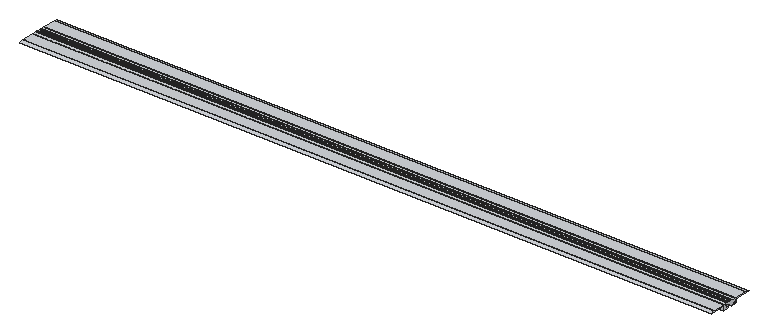
Revit family "Novojunta Pro Aluminio PLUS SP", category Modelos genéricos, Revit 2024
Family settings
  Puede alojar armadura = No
  Cota de conector redondo = Usar diámetro
  Tipo de pieza = Normal
  Corte con vacíos al cargar = No
  Mantener orientación de anotación = No
  Compartido = No
  Punto de cálculo de habitación = No
Parameters
  URL EMAC [instance] = "https://emac.es/novojunta-pro-aluminio-plus-sp"
  Tipo de junta [instance] = Lisa/Estriada : Estriada
  Texto Prescriptivo [instance] = "Instalación de junta de dilatación estructural superpuesta Emac® Novojunta® Pro Aluminio PLUS SP para cargas medias, ancho junta 45 mm, ancho visible 150 mm. Con estructura realizada en aluminio, goma caucho EPDM con capacidad de absorber movimientos multidireccionales. Admisión de movimiento horizontal hasta 12 mm. Color y acabado a elegir. Instalación con tornillería (incluida). Medida la longitud realmente ejecutada."
  Texto Descriptivo = "Novojunta® Pro Aluminio PLUS SP es un sistema de perfiles de aluminio reforzados y caucho EPDM destinado a  colocación en juntas de dilatación de estructura superpuestas de hasta 50 mm de ancho. Su diseño facilita la absorción de los movimientos derivados de las variaciones térmicas, permitiendo movimiento en tres ejes.  Con acabado liso o estriado y soporte de cargas medias. Se sirve desmontada. Disponible en color gris o negro."
  Referencia [instance] = "NJPALPSP"
  Posición Junta [instance] = Enrasada/Perimetral : Enrasada
  Perimetral [instance] = Enrasada/Perimetral : Perimetral
  País de origen [instance] = "España"
  Novojunta Pro Alum PLUS SP, a=50mm, h=13,8mm, Lisa -  Perimetral [instance] = if(and(Posición Junta = Perimetral, Tipo de junta = Lisa, Anchura = Anchura 50mm), 1 = 1, 1 = 0)  # no
  Novojunta Pro Alum PLUS SP, a=50mm, h=13,8mm, Lisa -  Enrasada [instance] = if(and(Posición Junta = Enrasada, Tipo de junta = Lisa, Anchura = Anchura 50mm), 1 = 1, 1 = 0)  # no
  Novojunta Pro Alum PLUS SP, a=50mm, h=13,8mm, Estriada -  Perimetral [instance] = if(and(Posición Junta = Perimetral, Tipo de junta = Estriada, Anchura = Anchura 50mm), 1 = 1, 1 = 0)  # no
  Novojunta Pro Alum PLUS SP, a=50mm, h=13,8mm, Estriada -  Enrasada [instance] = if(and(Posición Junta = Enrasada, Tipo de junta = Estriada, Anchura = Anchura 50mm), 1 = 1, 1 = 0)  # yes
  Novojunta Pro Alum PLUS SP, a=40mm, h=13,8mm, Lisa -  Perimetral [instance] = if(and(Posición Junta = Perimetral, Tipo de junta = Lisa, Anchura = Anchura 40mm), 1 = 1, 1 = 0)  # no
  Novojunta Pro Alum PLUS SP, a=40mm, h=13,8mm, Lisa -  Enrasada [instance] = if(and(Posición Junta = Enrasada, Tipo de junta = Lisa, Anchura = Anchura 40mm), 1 = 1, 1 = 0)  # no
  Novojunta Pro Alum PLUS SP, a=40mm, h=13,8mm, Estriada -  Perimetral [instance] = if(and(Posición Junta = Perimetral, Tipo de junta = Estriada, Anchura = Anchura 40mm), 1 = 1, 1 = 0)  # no
  Novojunta Pro Alum PLUS SP, a=40mm, h=13,8mm, Estriada -  Enrasada [instance] = if(and(Posición Junta = Enrasada, Tipo de junta = Estriada, Anchura = Anchura 40mm), 1 = 1, 1 = 0)  # no
  Material - 2 [instance] = EPDM
  Material [instance] = Aluminio
  Lisa [instance] = Lisa/Estriada : Lisa
  built-in parameter 1001306 [instance] = 2500 mm
  Instrucciones de instalación [instance] = "https://emac.es/public/Attachment/2023/2/ficha-tecnica-novojunta-pro-aluminio-plus-sp-emac.pdf"
  Estriada [instance] = Lisa/Estriada : Estriada
  Enrasada [instance] = Enrasada/Perimetral : Enrasada
  Default Elevation = 0 mm
  Descripción = "NOVOJUNTA PRO ALUMINIO PLUS SP"
  Certificados de producto [instance] = "https://emac.es/public/Attachment/2023/2/ficha-tecnica-novojunta-pro-aluminio-plus-sp-emac.pdf"
  Características técnicas [instance] = "https://emac.es/public/Attachment/2023/2/ficha-tecnica-novojunta-pro-aluminio-plus-sp-emac.pdf"
  Anchura 50mm [instance] = Anchura : Anchura 50mm
  Anchura 40mm [instance] = Anchura : Anchura 40mm
  Anchura [instance] = Anchura : Anchura 50mm
  Altura [instance] = 13.8 mm
Reference planes
  plane 1 "Center (Front/Back)": y = 0
  plane 2: z = 0
  plane 3 "Left": x = 0
  plane 4 "Right": x = 2500
Forms (mm)
  Extrusion 1, solid, visible <- "Novojunta Pro Alum PLUS SP, a=40mm, h=13,8mm, Estriada -  Enrasada"
    sketch origin (0, -154.043, -91.693) x (0, 1, 0) y (0, 0, 1)
      loop
        line (173.978, 91.628) -> (173.978, 79.94)
        arc (173.978, 79.94) -> (173.272, 78.235) -> (171.568, 77.529) r 2.411
        arc (171.568, 77.529) -> (169.706, 78.126) -> (168.909, 79.911) r 2.396
        line (168.909, 79.911) -> (168.909, 85.989)
        arc (168.909, 85.989) -> (168.595, 86.746) -> (167.838, 87.06) r 1.071
        line (167.838, 87.06) -> (164.903, 87.06)
        arc (164.903, 87.06) -> (164.449, 86.699) -> (164.698, 86.175) r 0.466
        line (164.698, 86.175) -> (166.334, 85.399)
        arc (166.334, 85.399) -> (166.751, 85.03) -> (166.906, 84.495) r 1
        line (166.906, 84.495) -> (166.906, 79.128)
        arc (166.906, 79.128) -> (166.32, 77.714) -> (164.906, 77.128) r 2
        line (164.906, 77.128) -> (158.306, 77.128) -> (158.306, 75.028) -> (176.706, 75.028) -> (176.706, 88.828) -> (232.167, 88.828) -> (220.039, 91.51)
        arc (220.039, 91.51) -> (219.503, 91.599) -> (218.96, 91.628) r 5
        line (218.96, 91.628) -> (173.978, 91.628)
      loop
        line (134.107, 91.628) -> (88.579, 91.628) -> (75.918, 88.828) -> (131.379, 88.828) -> (131.379, 75.028) -> (149.779, 75.028) -> (149.779, 77.128) -> (143.179, 77.128)
        arc (143.179, 77.128) -> (141.765, 77.714) -> (141.179, 79.128) r 2
        line (141.179, 79.128) -> (141.179, 84.495)
        arc (141.179, 84.495) -> (141.335, 85.03) -> (141.752, 85.399) r 1
        line (141.752, 85.399) -> (143.387, 86.175)
        arc (143.387, 86.175) -> (143.636, 86.699) -> (143.183, 87.06) r 0.466
        line (143.183, 87.06) -> (140.247, 87.06)
        arc (140.247, 87.06) -> (139.49, 86.746) -> (139.177, 85.989) r 1.071
        line (139.177, 85.989) -> (139.177, 79.911)
        arc (139.177, 79.911) -> (138.379, 78.126) -> (136.518, 77.529) r 2.396
        arc (136.518, 77.529) -> (134.813, 78.235) -> (134.107, 79.94) r 2.411
        line (134.107, 79.94) -> (134.107, 91.628)
      loop
        line (158.615, 91.693) -> (149.471, 91.693) -> (148.171, 86.693)
        arc (148.171, 86.693) -> (147.811, 86.415) -> (147.452, 86.693) r 0.371
        line (147.452, 86.693) -> (146.152, 91.693) -> (134.343, 91.693) -> (134.343, 89.469) -> (135.314, 87.041) -> (135.314, 81.348) -> (135.053, 80.434) -> (134.345, 79.878) -> (135.454, 78.438)
        arc (135.454, 78.438) -> (136.629, 77.854) -> (137.814, 78.417) r 1.5
        line (137.814, 78.417) -> (138.978, 79.871) -> (138.275, 80.434) -> (138.014, 81.348) -> (138.014, 87.493) -> (143.731, 87.493) -> (146.331, 77.493) -> (149.395, 77.493) -> (151.067, 83.921)
        arc (151.067, 83.921) -> (151.977, 85.3) -> (153.54, 85.834) r 2.555
        line (153.54, 85.834) -> (154.546, 85.834)
        arc (154.546, 85.834) -> (156.109, 85.3) -> (157.019, 83.921) r 2.555
        line (157.019, 83.921) -> (158.69, 77.493) -> (161.754, 77.493) -> (164.354, 87.493) -> (170.071, 87.493) -> (170.071, 81.422) -> (169.811, 80.509) -> (169.103, 79.953) -> (170.212, 78.513)
        arc (170.212, 78.513) -> (171.386, 77.929) -> (172.571, 78.492) r 1.5
        line (172.571, 78.492) -> (173.735, 79.946) -> (173.032, 80.509) -> (172.771, 81.422) -> (172.771, 87.041) -> (173.743, 89.469) -> (173.743, 91.693) -> (161.933, 91.693) -> (160.633, 86.693)
        arc (160.633, 86.693) -> (160.274, 86.415) -> (159.915, 86.693) r 0.371
        line (159.915, 86.693) -> (158.615, 91.693)
    from 0 to 2500
  Extrusion 2, solid, visible <- "Novojunta Pro Alum PLUS SP, a=40mm, h=13,8mm, Estriada -  Perimetral"
    sketch origin (0, 1335.417, -1874.923) x (0, 1, 0) y (0, 0, 1)
      loop
        line (-1316.889, 1861.721) -> (-1315.725, 1863.176) -> (-1316.428, 1863.738) -> (-1316.689, 1864.652) -> (-1316.689, 1870.27) -> (-1315.917, 1872.199) -> (-1315.917, 1874.923) -> (-1327.526, 1874.923) -> (-1328.826, 1869.923)
        arc (-1328.826, 1869.923) -> (-1329.186, 1869.645) -> (-1329.545, 1869.923) r 0.371
        line (-1329.545, 1869.923) -> (-1330.845, 1874.923) -> (-1339.989, 1874.923) -> (-1341.289, 1869.923)
        arc (-1341.289, 1869.923) -> (-1341.648, 1869.645) -> (-1342.008, 1869.923) r 0.371
        line (-1342.008, 1869.923) -> (-1343.308, 1874.923) -> (-1355.017, 1874.923) -> (-1355.017, 1872.449) -> (-1354.146, 1870.27) -> (-1354.146, 1865.104) -> (-1354.407, 1864.191) -> (-1355.114, 1863.635) -> (-1354.006, 1862.195)
        arc (-1354.006, 1862.195) -> (-1352.831, 1861.611) -> (-1351.646, 1862.174) r 1.5
        line (-1351.646, 1862.174) -> (-1350.482, 1863.628) -> (-1351.185, 1864.191) -> (-1351.446, 1865.104) -> (-1351.446, 1870.723) -> (-1345.729, 1870.723) -> (-1343.129, 1860.723) -> (-1340.065, 1860.723) -> (-1338.393, 1867.151)
        arc (-1338.393, 1867.151) -> (-1337.276, 1868.674) -> (-1335.417, 1869.013) r 2.555
        arc (-1335.417, 1869.013) -> (-1333.559, 1868.674) -> (-1332.441, 1867.151) r 2.555
        line (-1332.441, 1867.151) -> (-1330.77, 1860.723) -> (-1327.705, 1860.723) -> (-1325.105, 1870.723) -> (-1319.389, 1870.723) -> (-1319.389, 1864.652) -> (-1319.649, 1863.738) -> (-1320.357, 1863.183) -> (-1319.248, 1861.743)
        arc (-1319.248, 1861.743) -> (-1318.074, 1861.158) -> (-1316.889, 1861.721) r 1.5
      loop
        arc (-1324.576, 1858.258) -> (-1323.162, 1857.672) -> (-1322.576, 1856.258) r 2
        line (-1322.576, 1856.258) -> (-1322.576, 1850.891)
        arc (-1322.576, 1850.891) -> (-1322.731, 1850.356) -> (-1323.148, 1849.987) r 1
        line (-1323.148, 1849.987) -> (-1324.79, 1849.21)
        arc (-1324.79, 1849.21) -> (-1325.064, 1848.648) -> (-1324.576, 1848.258) r 0.5
        line (-1324.576, 1848.258) -> (-1321.576, 1848.258)
        arc (-1321.576, 1848.258) -> (-1320.869, 1848.551) -> (-1320.576, 1849.258) r 1
        line (-1320.576, 1849.258) -> (-1320.576, 1855.458)
        arc (-1320.576, 1855.458) -> (-1319.83, 1857.154) -> (-1318.076, 1857.749) r 2.3
        arc (-1318.076, 1857.749) -> (-1316.322, 1857.154) -> (-1315.576, 1855.458) r 2.3
        line (-1315.576, 1855.458) -> (-1315.576, 1843.758) -> (-1313.576, 1843.758) -> (-1313.576, 1914.96) -> (-1315.476, 1902.297) -> (-1315.476, 1863.158)
        arc (-1315.476, 1863.158) -> (-1316.236, 1861.406) -> (-1318.032, 1860.758) r 2.408
        arc (-1318.032, 1860.758) -> (-1319.883, 1861.375) -> (-1320.676, 1863.158) r 2.418
        line (-1320.676, 1863.158) -> (-1320.676, 1869.358)
        arc (-1320.676, 1869.358) -> (-1320.924, 1870.04) -> (-1321.576, 1870.358) r 0.967
        line (-1321.576, 1870.358) -> (-1324.576, 1870.358)
        arc (-1324.576, 1870.358) -> (-1325.064, 1869.968) -> (-1324.79, 1869.406) r 0.5
        line (-1324.79, 1869.406) -> (-1323.148, 1868.629)
        arc (-1323.148, 1868.629) -> (-1322.731, 1868.26) -> (-1322.576, 1867.725) r 1
        line (-1322.576, 1867.725) -> (-1322.576, 1862.358)
        arc (-1322.576, 1862.358) -> (-1323.162, 1860.944) -> (-1324.576, 1860.358) r 2
        line (-1324.576, 1860.358) -> (-1331.876, 1860.358) -> (-1331.876, 1858.258) -> (-1324.576, 1858.258)
      loop
        arc (-1346.354, 1860.358) -> (-1347.768, 1860.944) -> (-1348.354, 1862.358) r 2
        line (-1348.354, 1862.358) -> (-1348.354, 1867.725)
        arc (-1348.354, 1867.725) -> (-1348.199, 1868.26) -> (-1347.782, 1868.629) r 1
        line (-1347.782, 1868.629) -> (-1346.14, 1869.406)
        arc (-1346.14, 1869.406) -> (-1345.866, 1869.968) -> (-1346.354, 1870.358) r 0.5
        line (-1346.354, 1870.358) -> (-1349.354, 1870.358)
        arc (-1349.354, 1870.358) -> (-1349.975, 1870.012) -> (-1350.254, 1869.358) r 1.099
        line (-1350.254, 1869.358) -> (-1350.254, 1863.158)
        arc (-1350.254, 1863.158) -> (-1350.957, 1861.461) -> (-1352.654, 1860.758) r 2.4
        arc (-1352.654, 1860.758) -> (-1354.6, 1861.32) -> (-1355.454, 1863.158) r 2.444
        line (-1355.454, 1863.158) -> (-1355.454, 1874.858) -> (-1400.954, 1874.858) -> (-1413.615, 1872.058) -> (-1358.154, 1872.058) -> (-1358.154, 1858.258) -> (-1339.754, 1858.258) -> (-1339.754, 1860.358) -> (-1346.354, 1860.358)
    from 0 to 2500
  Extrusion 3, solid, visible <- "Novojunta Pro Alum PLUS SP, a=50mm, h=13,8mm, Estriada -  Perimetral"
    sketch origin (0, 644.765, 67.112) x (0, 1, 0) y (0, 0, 1)
      loop
        line (-654.102, -83.776) -> (-654.102, -81.676) -> (-660.702, -81.676)
        arc (-660.702, -81.676) -> (-662.116, -81.09) -> (-662.702, -79.676) r 2
        line (-662.702, -79.676) -> (-662.702, -74.309)
        arc (-662.702, -74.309) -> (-662.547, -73.774) -> (-662.13, -73.405) r 1
        line (-662.13, -73.405) -> (-660.488, -72.628)
        arc (-660.488, -72.628) -> (-660.214, -72.067) -> (-660.702, -71.676) r 0.5
        line (-660.702, -71.676) -> (-663.702, -71.676)
        arc (-663.702, -71.676) -> (-664.409, -71.969) -> (-664.702, -72.676) r 1
        line (-664.702, -72.676) -> (-664.702, -78.876)
        arc (-664.702, -78.876) -> (-665.448, -80.572) -> (-667.202, -81.168) r 2.3
        arc (-667.202, -81.168) -> (-668.956, -80.572) -> (-669.702, -78.876) r 2.3
        line (-669.702, -78.876) -> (-669.702, -67.176) -> (-715.302, -67.176) -> (-727.963, -69.976) -> (-672.502, -69.976) -> (-672.502, -83.776) -> (-654.102, -83.776)
      loop
        arc (-628.924, -83.776) -> (-627.51, -84.362) -> (-626.924, -85.776) r 2
        line (-626.924, -85.776) -> (-626.924, -91.143)
        arc (-626.924, -91.143) -> (-627.079, -91.678) -> (-627.496, -92.047) r 1
        line (-627.496, -92.047) -> (-629.138, -92.824)
        arc (-629.138, -92.824) -> (-629.412, -93.386) -> (-628.924, -93.776) r 0.5
        line (-628.924, -93.776) -> (-625.924, -93.776)
        arc (-625.924, -93.776) -> (-625.217, -93.483) -> (-624.924, -92.776) r 1
        line (-624.924, -92.776) -> (-624.924, -86.576)
        arc (-624.924, -86.576) -> (-624.178, -84.881) -> (-622.424, -84.285) r 2.3
        arc (-622.424, -84.285) -> (-620.67, -84.881) -> (-619.924, -86.576) r 2.3
        line (-619.924, -86.576) -> (-619.924, -98.276) -> (-617.924, -98.276) -> (-617.924, -27.075) -> (-619.924, -40.403) -> (-619.924, -78.876)
        arc (-619.924, -78.876) -> (-620.67, -80.572) -> (-622.424, -81.168) r 2.3
        arc (-622.424, -81.168) -> (-624.178, -80.572) -> (-624.924, -78.876) r 2.3
        line (-624.924, -78.876) -> (-624.924, -72.676)
        arc (-624.924, -72.676) -> (-625.217, -71.969) -> (-625.924, -71.676) r 1
        line (-625.924, -71.676) -> (-628.924, -71.676)
        arc (-628.924, -71.676) -> (-629.412, -72.067) -> (-629.138, -72.628) r 0.5
        line (-629.138, -72.628) -> (-627.496, -73.405)
        arc (-627.496, -73.405) -> (-627.079, -73.774) -> (-626.924, -74.309) r 1
        line (-626.924, -74.309) -> (-626.924, -79.676)
        arc (-626.924, -79.676) -> (-627.51, -81.09) -> (-628.924, -81.676) r 2
        line (-628.924, -81.676) -> (-636.224, -81.676) -> (-636.224, -83.776) -> (-628.924, -83.776)
      loop
        line (-635.186, -81.312) -> (-631.14, -81.312) -> (-629.735, -71.312) -> (-623.736, -71.312) -> (-623.736, -77.382) -> (-623.997, -78.296) -> (-624.705, -78.852) -> (-623.596, -80.291)
        arc (-623.596, -80.291) -> (-622.422, -80.876) -> (-621.237, -80.313) r 1.5
        line (-621.237, -80.313) -> (-620.115, -78.824) -> (-620.776, -78.296) -> (-621.036, -77.382) -> (-621.036, -71.764) -> (-620.265, -69.835) -> (-620.265, -67.112) -> (-632.065, -67.112) -> (-633.065, -72.973)
        arc (-633.065, -72.973) -> (-633.424, -73.276) -> (-633.784, -72.973) r 0.365
        line (-633.784, -72.973) -> (-634.784, -67.112) -> (-638.389, -67.112) -> (-639.189, -69.182)
        arc (-639.189, -69.182) -> (-639.548, -69.486) -> (-639.907, -69.182) r 0.365
        line (-639.907, -69.182) -> (-640.707, -67.112) -> (-648.823, -67.112) -> (-649.623, -69.182)
        arc (-649.623, -69.182) -> (-649.982, -69.486) -> (-650.341, -69.182) r 0.365
        line (-650.341, -69.182) -> (-651.141, -67.112) -> (-654.746, -67.112) -> (-655.746, -72.973)
        arc (-655.746, -72.973) -> (-656.106, -73.276) -> (-656.465, -72.973) r 0.365
        line (-656.465, -72.973) -> (-657.465, -67.112) -> (-669.265, -67.112) -> (-669.265, -69.835) -> (-668.494, -71.764) -> (-668.494, -77.382) -> (-668.754, -78.296) -> (-669.457, -78.858) -> (-668.293, -80.313)
        arc (-668.293, -80.313) -> (-667.108, -80.876) -> (-665.934, -80.291) r 1.5
        line (-665.934, -80.291) -> (-664.89, -78.801) -> (-665.533, -78.296) -> (-665.794, -77.382) -> (-665.794, -71.312) -> (-660.096, -71.312) -> (-658.39, -81.312) -> (-654.344, -81.312)
        arc (-654.344, -81.312) -> (-644.765, -78.649) -> (-635.186, -81.312) r 18.563
      loop
        arc (-642.874, -76.234) -> (-640.707, -76.544) -> (-638.583, -77.077) r 21.063
        arc (-638.583, -77.077) -> (-637.777, -76.979) -> (-637.309, -76.317) r 1
        line (-637.309, -76.317) -> (-636.741, -73.477) -> (-636.898, -72.557)
        arc (-636.898, -72.557) -> (-637.156, -72.04) -> (-637.657, -71.752) r 1
        arc (-637.657, -71.752) -> (-640.157, -71.264) -> (-642.687, -70.96) r 34.779
        arc (-642.687, -70.96) -> (-643.445, -71.22) -> (-643.77, -71.952) r 1
        line (-643.77, -71.952) -> (-643.784, -75.234)
        arc (-643.784, -75.234) -> (-643.524, -75.911) -> (-642.874, -76.234) r 1
      loop
        arc (-650.947, -77.077) -> (-648.823, -76.544) -> (-646.656, -76.234) r 21.063
        arc (-646.656, -76.234) -> (-646.006, -75.911) -> (-645.746, -75.234) r 1
        line (-645.746, -75.234) -> (-645.76, -71.952)
        arc (-645.76, -71.952) -> (-646.085, -71.22) -> (-646.843, -70.96) r 1
        arc (-646.843, -70.96) -> (-649.373, -71.264) -> (-651.873, -71.752) r 34.779
        arc (-651.873, -71.752) -> (-652.374, -72.04) -> (-652.632, -72.557) r 1
        line (-652.632, -72.557) -> (-652.789, -73.477) -> (-652.221, -76.317)
        arc (-652.221, -76.317) -> (-651.753, -76.979) -> (-650.947, -77.077) r 1
    from 0 to 2500
  Extrusion 4, solid, visible <- "Novojunta Pro Alum PLUS SP, a=50mm, h=13,8mm, Estriada -  Enrasada"
    sketch origin (0, 795.3, 0) x (0, 1, 0) y (0, 0, 1)
      loop
        line (-785.721, -14.2) -> (-781.675, -14.2) -> (-779.969, -4.2) -> (-774.271, -4.2) -> (-774.271, -10.271) -> (-774.532, -11.184) -> (-775.24, -11.74) -> (-774.131, -13.18)
        arc (-774.131, -13.18) -> (-772.957, -13.764) -> (-771.772, -13.201) r 1.5
        line (-771.772, -13.201) -> (-770.608, -11.747) -> (-771.311, -11.184) -> (-771.571, -10.271) -> (-771.571, -4.652) -> (-770.6, -2.224) -> (-770.6, 0) -> (-782.6, 0) -> (-783.6, -5.861)
        arc (-783.6, -5.861) -> (-783.959, -6.165) -> (-784.319, -5.861) r 0.365
        line (-784.319, -5.861) -> (-785.319, 0) -> (-788.924, 0) -> (-789.724, -2.071)
        arc (-789.724, -2.071) -> (-790.083, -2.374) -> (-790.442, -2.071) r 0.365
        line (-790.442, -2.071) -> (-791.242, 0) -> (-799.358, 0) -> (-800.158, -2.071)
        arc (-800.158, -2.071) -> (-800.517, -2.374) -> (-800.876, -2.071) r 0.365
        line (-800.876, -2.071) -> (-801.676, 0) -> (-805.281, 0) -> (-806.281, -5.861)
        arc (-806.281, -5.861) -> (-806.641, -6.165) -> (-807, -5.861) r 0.365
        line (-807, -5.861) -> (-808, 0) -> (-820, 0) -> (-820, -2.224) -> (-819.029, -4.652) -> (-819.029, -10.271) -> (-819.289, -11.184) -> (-819.992, -11.747) -> (-818.828, -13.201)
        arc (-818.828, -13.201) -> (-817.643, -13.764) -> (-816.469, -13.18) r 1.5
        line (-816.469, -13.18) -> (-815.36, -11.74) -> (-816.068, -11.184) -> (-816.329, -10.271) -> (-816.329, -4.2) -> (-810.631, -4.2) -> (-808.925, -14.2) -> (-804.879, -14.2)
        arc (-804.879, -14.2) -> (-795.3, -11.537) -> (-785.721, -14.2) r 18.563
      loop
        arc (-793.409, -9.122) -> (-791.242, -9.432) -> (-789.118, -9.965) r 21.063
        arc (-789.118, -9.965) -> (-788.312, -9.868) -> (-787.844, -9.205) r 1
        line (-787.844, -9.205) -> (-787.276, -6.366) -> (-787.433, -5.446)
        arc (-787.433, -5.446) -> (-787.691, -4.928) -> (-788.192, -4.64) r 1
        arc (-788.192, -4.64) -> (-790.692, -4.152) -> (-793.222, -3.849) r 34.779
        arc (-793.222, -3.849) -> (-793.98, -4.108) -> (-794.305, -4.841) r 1
        line (-794.305, -4.841) -> (-794.319, -8.122)
        arc (-794.319, -8.122) -> (-794.059, -8.799) -> (-793.409, -9.122) r 1
      loop
        arc (-801.482, -9.965) -> (-799.358, -9.432) -> (-797.191, -9.122) r 21.063
        arc (-797.191, -9.122) -> (-796.541, -8.799) -> (-796.281, -8.122) r 1
        line (-796.281, -8.122) -> (-796.295, -4.841)
        arc (-796.295, -4.841) -> (-796.62, -4.108) -> (-797.378, -3.849) r 1
        arc (-797.378, -3.849) -> (-799.908, -4.152) -> (-802.408, -4.64) r 34.779
        arc (-802.408, -4.64) -> (-802.909, -4.928) -> (-803.167, -5.446) r 1
        line (-803.167, -5.446) -> (-803.324, -6.366) -> (-802.756, -9.205)
        arc (-802.756, -9.205) -> (-802.288, -9.868) -> (-801.482, -9.965) r 1
      loop
        line (-767.637, -16.665) -> (-767.637, -2.865) -> (-712.176, -2.865) -> (-724.303, -0.183) -> (-770.437, -0.183) -> (-770.437, -11.765)
        arc (-770.437, -11.765) -> (-771.005, -13.278) -> (-772.428, -14.044) r 2.3
        line (-772.428, -14.044) -> (-773.344, -14.055)
        arc (-773.344, -14.055) -> (-774.835, -13.316) -> (-775.437, -11.765) r 2.3
        line (-775.437, -11.765) -> (-775.437, -5.565)
        arc (-775.437, -5.565) -> (-775.73, -4.858) -> (-776.437, -4.565) r 1
        line (-776.437, -4.565) -> (-779.437, -4.565)
        arc (-779.437, -4.565) -> (-779.925, -4.955) -> (-779.651, -5.517) r 0.5
        line (-779.651, -5.517) -> (-778.009, -6.294)
        arc (-778.009, -6.294) -> (-777.592, -6.663) -> (-777.437, -7.198) r 1
        line (-777.437, -7.198) -> (-777.437, -12.565)
        arc (-777.437, -12.565) -> (-778.023, -13.979) -> (-779.437, -14.565) r 2
        line (-779.437, -14.565) -> (-786.037, -14.565) -> (-786.037, -16.665) -> (-767.637, -16.665)
      loop
        line (-804.563, -16.665) -> (-804.563, -14.565) -> (-811.163, -14.565)
        arc (-811.163, -14.565) -> (-812.577, -13.979) -> (-813.163, -12.565) r 2
        line (-813.163, -12.565) -> (-813.163, -7.198)
        arc (-813.163, -7.198) -> (-813.008, -6.663) -> (-812.591, -6.294) r 1
        line (-812.591, -6.294) -> (-810.949, -5.517)
        arc (-810.949, -5.517) -> (-810.675, -4.955) -> (-811.163, -4.565) r 0.5
        line (-811.163, -4.565) -> (-814.163, -4.565)
        arc (-814.163, -4.565) -> (-814.87, -4.858) -> (-815.163, -5.565) r 1
        line (-815.163, -5.565) -> (-815.163, -11.765)
        arc (-815.163, -11.765) -> (-815.687, -13.226) -> (-817.021, -14.022) r 2.3
        line (-817.021, -14.022) -> (-818.48, -13.981)
        arc (-818.48, -13.981) -> (-819.695, -13.156) -> (-820.163, -11.765) r 2.3
        line (-820.163, -11.765) -> (-820.163, -0.065) -> (-865.217, -0.065)
        arc (-865.217, -0.065) -> (-865.76, -0.094) -> (-866.297, -0.183) r 5
        line (-866.297, -0.183) -> (-878.424, -2.865) -> (-822.963, -2.865) -> (-822.963, -16.665) -> (-804.563, -16.665)
    from 0 to 2500
  Extrusion 5, solid, visible <- "Novojunta Pro Alum PLUS SP, a=50mm, h=13,8mm, Lisa -  Perimetral"
    sketch origin (0, 893.311, -49.939) x (0, 1, 0) y (0, 0, 1)
      loop
        arc (-893.311, 41.242) -> (-888.45, 39.938) -> (-885.676, 35.739) r 7.097
        line (-885.676, 35.739) -> (-879.891, 35.739)
        arc (-879.891, 35.739) -> (-879.417, 35.886) -> (-879.207, 36.335) r 0.614
        line (-879.207, 36.335) -> (-878.193, 45.142)
        arc (-878.193, 45.142) -> (-877.987, 45.588) -> (-877.52, 45.739) r 0.613
        line (-877.52, 45.739) -> (-872.282, 45.739) -> (-872.282, 39.668) -> (-872.543, 38.755) -> (-873.251, 38.199) -> (-872.142, 36.759)
        arc (-872.142, 36.759) -> (-870.967, 36.175) -> (-869.782, 36.738) r 1.5
        line (-869.782, 36.738) -> (-868.686, 38.246) -> (-869.321, 38.755) -> (-869.582, 39.668) -> (-869.582, 45.287) -> (-868.611, 47.715) -> (-868.611, 49.939) -> (-874.111, 49.939)
        arc (-874.111, 49.939) -> (-893.311, 49.249) -> (-912.511, 49.939) r 267.476
        line (-912.511, 49.939) -> (-918.011, 49.939) -> (-918.011, 47.715) -> (-917.039, 45.287) -> (-917.039, 39.668) -> (-917.3, 38.755) -> (-918.003, 38.192) -> (-916.839, 36.738)
        arc (-916.839, 36.738) -> (-915.654, 36.175) -> (-914.48, 36.759) r 1.5
        line (-914.48, 36.759) -> (-913.436, 38.25) -> (-914.079, 38.755) -> (-914.339, 39.668) -> (-914.339, 45.739) -> (-909.102, 45.739)
        arc (-909.102, 45.739) -> (-908.634, 45.588) -> (-908.428, 45.142) r 0.613
        line (-908.428, 45.142) -> (-907.414, 36.335)
        arc (-907.414, 36.335) -> (-907.204, 35.886) -> (-906.731, 35.739) r 0.614
        line (-906.731, 35.739) -> (-900.945, 35.739)
        arc (-900.945, 35.739) -> (-898.171, 39.938) -> (-893.311, 41.242) r 7.097
      loop
        line (-902.651, 33.3) -> (-902.651, 35.4) -> (-909.251, 35.4)
        arc (-909.251, 35.4) -> (-910.665, 35.986) -> (-911.251, 37.4) r 2
        line (-911.251, 37.4) -> (-911.251, 42.767)
        arc (-911.251, 42.767) -> (-911.096, 43.302) -> (-910.679, 43.671) r 1
        line (-910.679, 43.671) -> (-909.037, 44.449)
        arc (-909.037, 44.449) -> (-908.763, 45.01) -> (-909.251, 45.4) r 0.5
        line (-909.251, 45.4) -> (-912.251, 45.4)
        arc (-912.251, 45.4) -> (-912.958, 45.108) -> (-913.251, 44.4) r 1
        line (-913.251, 44.4) -> (-913.251, 38.2)
        arc (-913.251, 38.2) -> (-913.997, 36.505) -> (-915.751, 35.909) r 2.3
        arc (-915.751, 35.909) -> (-917.505, 36.505) -> (-918.251, 38.2) r 2.3
        line (-918.251, 38.2) -> (-918.251, 49.9) -> (-963.851, 49.9) -> (-976.512, 47.1) -> (-921.051, 47.1) -> (-921.051, 33.3) -> (-902.651, 33.3)
      loop
        arc (-904.888, 40.625) -> (-904.56, 39.993) -> (-903.895, 39.739) r 1
        line (-903.895, 39.739) -> (-902.975, 39.739)
        arc (-902.975, 39.739) -> (-902.468, 39.877) -> (-902.101, 40.253) r 1
        arc (-902.101, 40.253) -> (-899.633, 42.576) -> (-896.537, 43.955) r 10.123
        arc (-896.537, 43.955) -> (-895.971, 44.393) -> (-895.843, 45.097) r 1
        arc (-895.843, 45.097) -> (-896.047, 45.918) -> (-896.808, 46.289) r 1
        line (-896.808, 46.289) -> (-904.406, 46.499)
        arc (-904.406, 46.499) -> (-905.177, 46.179) -> (-905.436, 45.386) r 1
        line (-905.436, 45.386) -> (-904.888, 40.625)
      loop
        arc (-890.085, 43.955) -> (-886.988, 42.576) -> (-884.521, 40.253) r 10.123
        arc (-884.521, 40.253) -> (-884.154, 39.877) -> (-883.647, 39.739) r 1
        line (-883.647, 39.739) -> (-882.727, 39.739)
        arc (-882.727, 39.739) -> (-882.061, 39.993) -> (-881.733, 40.625) r 1
        line (-881.733, 40.625) -> (-881.185, 45.386)
        arc (-881.185, 45.386) -> (-881.445, 46.179) -> (-882.215, 46.499) r 1
        line (-882.215, 46.499) -> (-889.814, 46.289)
        arc (-889.814, 46.289) -> (-890.574, 45.918) -> (-890.778, 45.097) r 1
        arc (-890.778, 45.097) -> (-890.65, 44.393) -> (-890.085, 43.955) r 1
      loop
        arc (-875.439, 37.4) -> (-876.025, 35.986) -> (-877.439, 35.4) r 2
        line (-877.439, 35.4) -> (-884.739, 35.4) -> (-884.739, 33.3) -> (-877.439, 33.3)
        arc (-877.439, 33.3) -> (-876.025, 32.715) -> (-875.439, 31.3) r 2
        line (-875.439, 31.3) -> (-875.439, 25.933)
        arc (-875.439, 25.933) -> (-875.594, 25.399) -> (-876.012, 25.03) r 1
        line (-876.012, 25.03) -> (-877.653, 24.252)
        arc (-877.653, 24.252) -> (-877.927, 23.691) -> (-877.439, 23.3) r 0.5
        line (-877.439, 23.3) -> (-874.439, 23.3)
        arc (-874.439, 23.3) -> (-873.732, 23.593) -> (-873.439, 24.3) r 1
        line (-873.439, 24.3) -> (-873.439, 30.5)
        arc (-873.439, 30.5) -> (-872.693, 32.196) -> (-870.939, 32.792) r 2.3
        arc (-870.939, 32.792) -> (-869.185, 32.196) -> (-868.439, 30.5) r 2.3
        line (-868.439, 30.5) -> (-868.439, 18.8) -> (-866.439, 18.8) -> (-866.439, 90.002) -> (-868.439, 76.673) -> (-868.439, 38.2)
        arc (-868.439, 38.2) -> (-869.185, 36.505) -> (-870.939, 35.909) r 2.3
        arc (-870.939, 35.909) -> (-872.693, 36.505) -> (-873.439, 38.2) r 2.3
        line (-873.439, 38.2) -> (-873.439, 44.4)
        arc (-873.439, 44.4) -> (-873.732, 45.108) -> (-874.439, 45.4) r 1
        line (-874.439, 45.4) -> (-877.439, 45.4)
        arc (-877.439, 45.4) -> (-877.927, 45.01) -> (-877.653, 44.449) r 0.5
        line (-877.653, 44.449) -> (-876.012, 43.671)
        arc (-876.012, 43.671) -> (-875.594, 43.302) -> (-875.439, 42.767) r 1
        line (-875.439, 42.767) -> (-875.439, 37.4)
    from 0 to 2500
  Extrusion 6, solid, visible <- "Novojunta Pro Alum PLUS SP, a=50mm, h=13,8mm, Lisa -  Enrasada"
    sketch origin (0, 921.533, 48.38) x (0, 1, 0) y (0, 0, 1)
      loop
        line (-896.756, -48.39) -> (-896.756, -60.09)
        arc (-896.756, -60.09) -> (-897.502, -61.786) -> (-899.256, -62.381) r 2.3
        arc (-899.256, -62.381) -> (-901.01, -61.786) -> (-901.756, -60.09) r 2.3
        line (-901.756, -60.09) -> (-901.756, -53.89)
        arc (-901.756, -53.89) -> (-902.049, -53.183) -> (-902.756, -52.89) r 1
        line (-902.756, -52.89) -> (-905.756, -52.89)
        arc (-905.756, -52.89) -> (-906.244, -53.28) -> (-905.97, -53.842) r 0.5
        line (-905.97, -53.842) -> (-904.328, -54.619)
        arc (-904.328, -54.619) -> (-903.911, -54.988) -> (-903.756, -55.523) r 1
        line (-903.756, -55.523) -> (-903.756, -60.89)
        arc (-903.756, -60.89) -> (-904.342, -62.304) -> (-905.756, -62.89) r 2
        line (-905.756, -62.89) -> (-912.356, -62.89) -> (-912.356, -64.99) -> (-893.956, -64.99) -> (-893.956, -51.19) -> (-838.495, -51.19) -> (-851.156, -48.39) -> (-896.756, -48.39)
      loop
        line (-949.282, -51.19) -> (-949.282, -64.99) -> (-930.882, -64.99) -> (-930.882, -62.89) -> (-937.482, -62.89)
        arc (-937.482, -62.89) -> (-938.897, -62.304) -> (-939.482, -60.89) r 2
        line (-939.482, -60.89) -> (-939.482, -55.523)
        arc (-939.482, -55.523) -> (-939.327, -54.988) -> (-938.91, -54.619) r 1
        line (-938.91, -54.619) -> (-937.269, -53.842)
        arc (-937.269, -53.842) -> (-936.995, -53.28) -> (-937.483, -52.89) r 0.5
        line (-937.483, -52.89) -> (-940.482, -52.89)
        arc (-940.482, -52.89) -> (-941.19, -53.183) -> (-941.482, -53.89) r 1
        line (-941.482, -53.89) -> (-941.482, -60.09)
        arc (-941.482, -60.09) -> (-942.228, -61.786) -> (-943.982, -62.381) r 2.3
        arc (-943.982, -62.381) -> (-945.737, -61.786) -> (-946.482, -60.09) r 2.3
        line (-946.482, -60.09) -> (-946.482, -48.39) -> (-992.082, -48.39) -> (-1004.744, -51.19) -> (-949.282, -51.19)
      loop
        line (-913.899, -62.58) -> (-908.113, -62.58)
        arc (-908.113, -62.58) -> (-907.64, -62.432) -> (-907.43, -61.983) r 0.614
        line (-907.43, -61.983) -> (-906.416, -53.176)
        arc (-906.416, -53.176) -> (-906.21, -52.731) -> (-905.742, -52.58) r 0.613
        line (-905.742, -52.58) -> (-900.505, -52.58) -> (-900.505, -58.65) -> (-900.766, -59.564) -> (-901.473, -60.12) -> (-900.365, -61.559)
        arc (-900.365, -61.559) -> (-899.19, -62.144) -> (-898.005, -61.581) r 1.5
        line (-898.005, -61.581) -> (-896.934, -60.052) -> (-897.544, -59.564) -> (-897.805, -58.65) -> (-897.805, -53.032) -> (-897.033, -51.103) -> (-897.033, -48.38) -> (-902.333, -48.38)
        arc (-902.333, -48.38) -> (-921.533, -49.07) -> (-940.733, -48.38) r 267.476
        line (-940.733, -48.38) -> (-946.033, -48.38) -> (-946.033, -51.103) -> (-945.262, -53.032) -> (-945.262, -58.65) -> (-945.523, -59.564) -> (-946.226, -60.126) -> (-945.062, -61.581)
        arc (-945.062, -61.581) -> (-943.877, -62.144) -> (-942.702, -61.559) r 1.5
        line (-942.702, -61.559) -> (-941.683, -60.049) -> (-942.301, -59.564) -> (-942.562, -58.65) -> (-942.562, -52.58) -> (-937.324, -52.58)
        arc (-937.324, -52.58) -> (-936.857, -52.731) -> (-936.651, -53.176) r 0.613
        line (-936.651, -53.176) -> (-935.637, -61.983)
        arc (-935.637, -61.983) -> (-935.427, -62.432) -> (-934.953, -62.58) r 0.614
        line (-934.953, -62.58) -> (-929.168, -62.58)
        arc (-929.168, -62.58) -> (-926.394, -58.381) -> (-921.533, -57.077) r 7.097
        arc (-921.533, -57.077) -> (-916.673, -58.381) -> (-913.899, -62.58) r 7.097
      loop
        arc (-919.001, -53.222) -> (-918.873, -53.926) -> (-918.307, -54.364) r 1
        arc (-918.307, -54.364) -> (-915.211, -55.743) -> (-912.743, -58.066) r 10.123
        arc (-912.743, -58.066) -> (-912.376, -58.442) -> (-911.869, -58.58) r 1
        line (-911.869, -58.58) -> (-910.949, -58.58)
        arc (-910.949, -58.58) -> (-910.284, -58.326) -> (-909.956, -57.694) r 1
        line (-909.956, -57.694) -> (-909.408, -52.933)
        arc (-909.408, -52.933) -> (-909.667, -52.14) -> (-910.438, -51.819) r 1
        line (-910.438, -51.819) -> (-918.036, -52.03)
        arc (-918.036, -52.03) -> (-918.797, -52.401) -> (-919.001, -53.222) r 1
      loop
        arc (-930.324, -58.066) -> (-927.856, -55.743) -> (-924.759, -54.364) r 10.123
        arc (-924.759, -54.364) -> (-924.194, -53.926) -> (-924.066, -53.222) r 1
        arc (-924.066, -53.222) -> (-924.27, -52.401) -> (-925.03, -52.03) r 1
        line (-925.03, -52.03) -> (-932.629, -51.819)
        arc (-932.629, -51.819) -> (-933.4, -52.14) -> (-933.659, -52.933) r 1
        line (-933.659, -52.933) -> (-933.111, -57.694)
        arc (-933.111, -57.694) -> (-932.783, -58.326) -> (-932.117, -58.58) r 1
        line (-932.117, -58.58) -> (-931.197, -58.58)
        arc (-931.197, -58.58) -> (-930.69, -58.442) -> (-930.324, -58.066) r 1
    from 0 to 2500
  Extrusion 7, solid, visible <- "Novojunta Pro Alum PLUS SP, a=40mm, h=13,8mm, Lisa -  Enrasada"
    sketch origin (0, 550.055, 354.419) x (0, 1, 0) y (0, 0, 1)
      loop
        line (-530.271, -354.419) -> (-530.271, -366.119)
        arc (-530.271, -366.119) -> (-531.017, -367.815) -> (-532.771, -368.41) r 2.3
        arc (-532.771, -368.41) -> (-534.525, -367.815) -> (-535.271, -366.119) r 2.3
        line (-535.271, -366.119) -> (-535.271, -359.919)
        arc (-535.271, -359.919) -> (-535.564, -359.212) -> (-536.271, -358.919) r 1
        line (-536.271, -358.919) -> (-539.271, -358.919)
        arc (-539.271, -358.919) -> (-539.758, -359.309) -> (-539.485, -359.871) r 0.5
        line (-539.485, -359.871) -> (-537.843, -360.648)
        arc (-537.843, -360.648) -> (-537.426, -361.017) -> (-537.271, -361.552) r 1
        line (-537.271, -361.552) -> (-537.271, -366.919)
        arc (-537.271, -366.919) -> (-537.856, -368.333) -> (-539.271, -368.919) r 2
        line (-539.271, -368.919) -> (-545.871, -368.919) -> (-545.871, -371.019) -> (-527.471, -371.019) -> (-527.471, -357.219) -> (-472.009, -357.219) -> (-484.671, -354.419) -> (-530.271, -354.419)
      loop
        line (-533.803, -358.619) -> (-533.803, -364.683) -> (-534.063, -365.603) -> (-534.817, -366.086) -> (-533.662, -367.599)
        arc (-533.662, -367.599) -> (-532.699, -368.048) -> (-531.736, -367.599) r 1.258
        line (-531.736, -367.599) -> (-530.581, -366.086) -> (-531.335, -365.603) -> (-531.596, -364.683) -> (-531.596, -359.115) -> (-530.589, -356.641) -> (-530.574, -354.419) -> (-535.855, -354.419)
        arc (-535.855, -354.419) -> (-550.055, -355.019) -> (-564.255, -354.419) r 168.342
        line (-564.255, -354.419) -> (-569.806, -354.419) -> (-569.79, -356.641) -> (-568.784, -359.115) -> (-568.784, -364.683) -> (-569.045, -365.603) -> (-569.799, -366.086) -> (-568.644, -367.599)
        arc (-568.644, -367.599) -> (-567.681, -368.048) -> (-566.717, -367.599) r 1.258
        line (-566.717, -367.599) -> (-565.563, -366.086) -> (-566.316, -365.603) -> (-566.577, -364.683) -> (-566.577, -358.619) -> (-560.982, -358.619)
        arc (-560.982, -358.619) -> (-560.477, -358.726) -> (-560.195, -359.159) r 0.675
        line (-560.195, -359.159) -> (-559.395, -368.073)
        arc (-559.395, -368.073) -> (-559.197, -368.456) -> (-558.797, -368.619) r 0.621
        line (-558.797, -368.619) -> (-555.608, -368.619)
        arc (-555.608, -368.619) -> (-555.232, -368.448) -> (-555.113, -368.052) r 0.5
        arc (-555.113, -368.052) -> (-553.825, -364.289) -> (-550.055, -363.019) r 4.497
        arc (-550.055, -363.019) -> (-546.285, -364.288) -> (-544.998, -368.052) r 4.495
        arc (-544.998, -368.052) -> (-544.843, -368.486) -> (-544.402, -368.619) r 0.511
        line (-544.402, -368.619) -> (-541.314, -368.619)
        arc (-541.314, -368.619) -> (-540.914, -368.456) -> (-540.716, -368.073) r 0.621
        line (-540.716, -368.073) -> (-539.916, -359.159)
        arc (-539.916, -359.159) -> (-539.634, -358.726) -> (-539.128, -358.619) r 0.675
        line (-539.128, -358.619) -> (-533.803, -358.619)
      loop
        line (-554.597, -368.919) -> (-561.197, -368.919)
        arc (-561.197, -368.919) -> (-562.611, -368.333) -> (-563.197, -366.919) r 2
        line (-563.197, -366.919) -> (-563.197, -361.552)
        arc (-563.197, -361.552) -> (-563.042, -361.017) -> (-562.625, -360.648) r 1
        line (-562.625, -360.648) -> (-560.983, -359.871)
        arc (-560.983, -359.871) -> (-560.709, -359.309) -> (-561.197, -358.919) r 0.5
        line (-561.197, -358.919) -> (-564.197, -358.919)
        arc (-564.197, -358.919) -> (-564.904, -359.212) -> (-565.197, -359.919) r 1
        line (-565.197, -359.919) -> (-565.197, -366.119)
        arc (-565.197, -366.119) -> (-565.943, -367.815) -> (-567.697, -368.41) r 2.3
        arc (-567.697, -368.41) -> (-569.451, -367.815) -> (-570.197, -366.119) r 2.3
        line (-570.197, -366.119) -> (-570.197, -354.419) -> (-615.797, -354.419) -> (-628.458, -357.219) -> (-572.997, -357.219) -> (-572.997, -371.019) -> (-554.597, -371.019) -> (-554.597, -368.919)
      loop
        line (-552.055, -357.519) -> (-557.078, -357.519)
        arc (-557.078, -357.519) -> (-557.815, -357.872) -> (-558.041, -358.657) r 0.997
        line (-558.041, -358.657) -> (-557.386, -363.284)
        arc (-557.386, -363.284) -> (-556.653, -364.023) -> (-555.672, -363.672) r 0.97
        arc (-555.672, -363.672) -> (-553.841, -361.849) -> (-551.472, -360.818) r 6.974
        arc (-551.472, -360.818) -> (-551.141, -360.475) -> (-551.055, -360.006) r 0.827
        line (-551.055, -360.006) -> (-551.057, -358.456)
        arc (-551.057, -358.456) -> (-551.37, -357.789) -> (-552.055, -357.519) r 0.996
      loop
        arc (-544.438, -363.672) -> (-543.458, -364.023) -> (-542.724, -363.284) r 0.97
        line (-542.724, -363.284) -> (-542.07, -358.657)
        arc (-542.07, -358.657) -> (-542.295, -357.872) -> (-543.033, -357.519) r 0.997
        line (-543.033, -357.519) -> (-548.055, -357.519)
        arc (-548.055, -357.519) -> (-548.741, -357.789) -> (-549.053, -358.456) r 0.996
        line (-549.053, -358.456) -> (-549.055, -360.006)
        arc (-549.055, -360.006) -> (-548.969, -360.475) -> (-548.639, -360.818) r 0.827
        arc (-548.639, -360.818) -> (-546.27, -361.849) -> (-544.438, -363.672) r 6.974
    from 0 to 2500
  Extrusion 8, solid, visible <- "Novojunta Pro Alum PLUS SP, a=40mm, h=13,8mm, Lisa -  Perimetral"
    sketch origin (0, 697.547, 347.519) x (0, 1, 0) y (0, 0, 1)
      loop
        line (-717.689, -347.519) -> (-763.289, -347.519) -> (-775.95, -350.319) -> (-720.489, -350.319) -> (-720.489, -364.119) -> (-702.089, -364.119) -> (-702.089, -362.019) -> (-708.689, -362.019)
        arc (-708.689, -362.019) -> (-710.103, -361.433) -> (-710.689, -360.019) r 2
        line (-710.689, -360.019) -> (-710.689, -354.652)
        arc (-710.689, -354.652) -> (-710.534, -354.117) -> (-710.117, -353.748) r 1
        line (-710.117, -353.748) -> (-708.475, -352.971)
        arc (-708.475, -352.971) -> (-708.201, -352.409) -> (-708.689, -352.019) r 0.5
        line (-708.689, -352.019) -> (-711.689, -352.019)
        arc (-711.689, -352.019) -> (-712.396, -352.312) -> (-712.689, -353.019) r 1
        line (-712.689, -353.019) -> (-712.689, -359.219)
        arc (-712.689, -359.219) -> (-713.435, -360.915) -> (-715.189, -361.51) r 2.3
        arc (-715.189, -361.51) -> (-716.943, -360.915) -> (-717.689, -359.219) r 2.3
        line (-717.689, -359.219) -> (-717.689, -347.519)
      loop
        arc (-680.411, -364.628) -> (-678.657, -365.224) -> (-677.911, -366.919) r 2.3
        line (-677.911, -366.919) -> (-677.911, -378.619) -> (-675.911, -378.619) -> (-675.911, -307.418) -> (-677.811, -320.08) -> (-677.811, -359.219)
        arc (-677.811, -359.219) -> (-678.571, -360.971) -> (-680.367, -361.619) r 2.408
        arc (-680.367, -361.619) -> (-682.218, -361.002) -> (-683.011, -359.219) r 2.418
        line (-683.011, -359.219) -> (-683.011, -353.019)
        arc (-683.011, -353.019) -> (-683.259, -352.337) -> (-683.911, -352.019) r 0.967
        line (-683.911, -352.019) -> (-686.911, -352.019)
        arc (-686.911, -352.019) -> (-687.399, -352.409) -> (-687.125, -352.971) r 0.5
        line (-687.125, -352.971) -> (-685.483, -353.748)
        arc (-685.483, -353.748) -> (-685.066, -354.117) -> (-684.911, -354.652) r 1
        line (-684.911, -354.652) -> (-684.911, -360.019)
        arc (-684.911, -360.019) -> (-685.497, -361.433) -> (-686.911, -362.019) r 2
        line (-686.911, -362.019) -> (-694.211, -362.019) -> (-694.211, -364.119) -> (-686.911, -364.119)
        arc (-686.911, -364.119) -> (-685.497, -364.705) -> (-684.911, -366.119) r 2
        line (-684.911, -366.119) -> (-684.911, -371.486)
        arc (-684.911, -371.486) -> (-685.066, -372.021) -> (-685.483, -372.39) r 1
        line (-685.483, -372.39) -> (-687.125, -373.167)
        arc (-687.125, -373.167) -> (-687.399, -373.729) -> (-686.911, -374.119) r 0.5
        line (-686.911, -374.119) -> (-683.911, -374.119)
        arc (-683.911, -374.119) -> (-683.204, -373.826) -> (-682.911, -373.119) r 1
        line (-682.911, -373.119) -> (-682.911, -366.919)
        arc (-682.911, -366.919) -> (-682.165, -365.224) -> (-680.411, -364.628) r 2.3
      loop
        line (-681.295, -351.719) -> (-681.295, -357.783) -> (-681.555, -358.704) -> (-682.309, -359.186) -> (-681.154, -360.699)
        arc (-681.154, -360.699) -> (-680.191, -361.148) -> (-679.228, -360.699) r 1.258
        line (-679.228, -360.699) -> (-678.073, -359.186) -> (-678.827, -358.704) -> (-679.088, -357.783) -> (-679.088, -352.215) -> (-678.081, -349.742) -> (-678.066, -347.519) -> (-683.347, -347.519)
        arc (-683.347, -347.519) -> (-697.547, -348.119) -> (-711.747, -347.519) r 168.342
        line (-711.747, -347.519) -> (-717.298, -347.519) -> (-717.282, -349.742) -> (-716.276, -352.215) -> (-716.276, -357.783) -> (-716.537, -358.704) -> (-717.29, -359.186) -> (-716.136, -360.699)
        arc (-716.136, -360.699) -> (-715.172, -361.148) -> (-714.209, -360.699) r 1.258
        line (-714.209, -360.699) -> (-713.055, -359.186) -> (-713.808, -358.704) -> (-714.069, -357.783) -> (-714.069, -351.719) -> (-708.474, -351.719)
        arc (-708.474, -351.719) -> (-707.969, -351.826) -> (-707.687, -352.259) r 0.675
        line (-707.687, -352.259) -> (-706.887, -361.173)
        arc (-706.887, -361.173) -> (-706.689, -361.557) -> (-706.289, -361.719) r 0.621
        line (-706.289, -361.719) -> (-703.1, -361.719)
        arc (-703.1, -361.719) -> (-702.724, -361.548) -> (-702.605, -361.152) r 0.5
        arc (-702.605, -361.152) -> (-701.317, -357.389) -> (-697.547, -356.119) r 4.497
        arc (-697.547, -356.119) -> (-693.777, -357.388) -> (-692.49, -361.152) r 4.495
        arc (-692.49, -361.152) -> (-692.335, -361.586) -> (-691.893, -361.719) r 0.511
        line (-691.893, -361.719) -> (-689.123, -361.719)
        arc (-689.123, -361.719) -> (-688.632, -361.529) -> (-688.398, -361.057) r 0.728
        line (-688.398, -361.057) -> (-687.62, -352.387)
        arc (-687.62, -352.387) -> (-687.384, -351.911) -> (-686.889, -351.719) r 0.733
        line (-686.889, -351.719) -> (-681.295, -351.719)
      loop
        arc (-691.93, -356.772) -> (-690.95, -357.124) -> (-690.216, -356.384) r 0.97
        line (-690.216, -356.384) -> (-689.561, -351.757)
        arc (-689.561, -351.757) -> (-689.787, -350.972) -> (-690.525, -350.619) r 0.997
        line (-690.525, -350.619) -> (-695.547, -350.619)
        arc (-695.547, -350.619) -> (-696.233, -350.889) -> (-696.545, -351.557) r 0.996
        line (-696.545, -351.557) -> (-696.547, -353.106)
        arc (-696.547, -353.106) -> (-696.461, -353.575) -> (-696.131, -353.918) r 0.827
        arc (-696.131, -353.918) -> (-693.762, -354.949) -> (-691.93, -356.772) r 6.974
      loop
        arc (-703.164, -356.772) -> (-701.333, -354.949) -> (-698.964, -353.918) r 6.974
        arc (-698.964, -353.918) -> (-698.633, -353.575) -> (-698.547, -353.106) r 0.827
        line (-698.547, -353.106) -> (-698.549, -351.557)
        arc (-698.549, -351.557) -> (-698.862, -350.889) -> (-699.547, -350.619) r 0.996
        line (-699.547, -350.619) -> (-704.57, -350.619)
        arc (-704.57, -350.619) -> (-705.307, -350.972) -> (-705.533, -351.757) r 0.997
        line (-705.533, -351.757) -> (-704.878, -356.384)
        arc (-704.878, -356.384) -> (-704.145, -357.124) -> (-703.164, -356.772) r 0.97
    from 0 to 2500
Lines and regions (mm)
  reference lines
    curve 1: line (0, 0, 0) -> (2500, 0, 0)
  model lines
    curve 2: line (0, 19.2, 0) -> (0, -19.2, 0)
Dimensions and locks
  "built-in parameter 1001306": plane 3 "Left" to plane 4 "Right"
  aligned and locked: plane 4 "Right" to curve 1
  aligned and locked: plane 1 "Center (Front/Back)" to curve 1
  aligned and locked: plane 3 "Left" to curve 1
  aligned and locked: level to plane 2
  aligned and locked: Extrusion 2 to curve 1
  aligned and locked: Extrusion 1 to curve 1
  aligned and locked: Extrusion 2 to plane 3 "Left"
  aligned and locked: Extrusion 1 to plane 3 "Left"
  aligned and locked: Extrusion 8 to curve 1
  aligned and locked: Extrusion 8 to plane 3 "Left"
  aligned and locked: Extrusion 7 to curve 1
  aligned and locked: Extrusion 7 to plane 3 "Left"
  aligned and locked: Extrusion 6 to curve 1
  aligned and locked: Extrusion 6 to plane 3 "Left"
  aligned and locked: Extrusion 5 to curve 1
  aligned and locked: Extrusion 5 to plane 3 "Left"
  aligned and locked: Extrusion 4 to curve 1
  aligned and locked: Extrusion 4 to plane 3 "Left"
  aligned and locked: Extrusion 3 to curve 1
  aligned and locked: Extrusion 3 to plane 3 "Left"
Automatic sketch dimensions
  Extrusion 1 sketch curve to level = 16.665 mm
  Extrusion 1 sketch curve to plane 1 "Center (Front/Back)" = 4.263 mm
  Extrusion 1 sketch curve to level = 5.518 mm  (x2)
  Extrusion 1 sketch curve to Extrusion 1 sketch curve = 6.392 mm  (x2)
  Extrusion 1 sketch curve to Extrusion 1 sketch curve = 6.6 mm  (x2)
  Extrusion 1 sketch curve to Extrusion 1 sketch curve = 0.205 mm  (x2)
  Extrusion 1 sketch curve to Extrusion 1 sketch curve = 1.208 mm  (x2)
  Extrusion 1 sketch curve to Extrusion 1 sketch curve = 0.428 mm  (x2)
  Extrusion 1 sketch curve to Extrusion 1 sketch curve = 2 mm  (x2)
  Extrusion 1 sketch curve to Extrusion 1 sketch curve = 1.504 mm  (x4)
  Extrusion 1 sketch curve to Extrusion 1 sketch curve = 42.254 mm
  Extrusion 1 sketch curve to level = 0.183 mm
  Extrusion 1 sketch curve to Extrusion 1 sketch curve = 1.08 mm
  Extrusion 1 sketch curve to Extrusion 1 sketch curve = 12.128 mm
  Extrusion 1 sketch curve to Extrusion 1 sketch curve = 2.1 mm  (x2)
  Extrusion 1 sketch curve to Extrusion 1 sketch curve = 1.68 mm  (x2)
  Extrusion 1 sketch curve to Extrusion 1 sketch curve = 0.59 mm  (x2)
  Extrusion 1 sketch curve to Extrusion 1 sketch curve = 4.882 mm
  Extrusion 1 sketch curve to Extrusion 1 sketch curve = 2.682 mm
  Extrusion 1 sketch curve to Extrusion 1 sketch curve = 8.526 mm
  Extrusion 1 sketch curve to Extrusion 1 sketch curve = 42.8 mm
  Extrusion 1 sketch curve to Extrusion 1 sketch curve = 12.661 mm
  Extrusion 1 sketch curve to Extrusion 1 sketch curve = 11.147 mm
  Extrusion 1 sketch curve to Extrusion 1 sketch curve = 13.8 mm
  Extrusion 1 sketch curve to Extrusion 1 sketch curve = 2.8 mm
  Extrusion 1 sketch curve to Extrusion 1 sketch curve = 0.708 mm  (x2)
  Extrusion 1 sketch curve to Extrusion 1 sketch curve = 0.971 mm  (x2)
  Extrusion 1 sketch curve to level = 13.276 mm
  Extrusion 1 sketch curve to Extrusion 1 sketch curve = 0.261 mm  (x2)
  Extrusion 1 sketch curve to level = 11.822 mm
  Extrusion 1 sketch curve to Extrusion 1 sketch curve = 2.421 mm
  Extrusion 1 sketch curve to Extrusion 1 sketch curve = 3.721 mm
  Extrusion 1 sketch curve to Extrusion 1 sketch curve = 0.359 mm  (x4)
  Extrusion 1 sketch curve to level = 5 mm  (x2)
  Extrusion 1 sketch curve to Extrusion 1 sketch curve = 0.384 mm  (x2)
  Extrusion 1 sketch curve to Extrusion 1 sketch curve = 3.319 mm  (x2)
  Extrusion 1 sketch curve to level = 7.772 mm  (x2)
  Extrusion 1 sketch curve to Extrusion 1 sketch curve = 2.896 mm  (x2)
  Extrusion 1 sketch curve to Extrusion 1 sketch curve = 2.473 mm  (x2)
  Extrusion 1 sketch curve to Extrusion 1 sketch curve = 1.006 mm
  Extrusion 1 sketch curve to Extrusion 1 sketch curve = 4.069 mm
  Extrusion 1 sketch curve to level = 11.74 mm
  Extrusion 1 sketch curve to level = 11.184 mm
  Extrusion 1 sketch curve to Extrusion 1 sketch curve = 1.162 mm
  Extrusion 1 sketch curve to level = 13.201 mm
  Extrusion 1 sketch curve to level = 10.271 mm
  Extrusion 1 sketch curve to level = 11.747 mm
  Extrusion 1 sketch curve to Extrusion 1 sketch curve = 0.365 mm  (x2)
  Extrusion 1 sketch curve to Extrusion 1 sketch curve = 0.556 mm
  Extrusion 1 sketch curve to Extrusion 1 sketch curve = 0.914 mm  (x3)
  Extrusion 1 sketch curve to Extrusion 1 sketch curve = 0.643 mm
  Extrusion 1 sketch curve to Extrusion 1 sketch curve = 0.093 mm  (x2)
  Extrusion 1 sketch curve to Extrusion 1 sketch curve = 1.052 mm  (x2)
  Extrusion 1 sketch curve to Extrusion 1 sketch curve = 5 mm
  Extrusion 1 sketch curve to Extrusion 1 sketch curve = 0 mm  (x2)
  Extrusion 1 sketch curve to Extrusion 1 sketch curve = 2.728 mm
  Extrusion 1 sketch curve to Extrusion 1 sketch curve = 0.236 mm  (x2)
  Extrusion 1 sketch curve to level = 11.815 mm
  Extrusion 1 sketch curve to Extrusion 1 sketch curve = 0.238 mm
  Extrusion 1 sketch curve to Extrusion 1 sketch curve = 2.159 mm  (x2)
  Extrusion 1 sketch curve to Extrusion 1 sketch curve = 0.138 mm
  Extrusion 1 sketch curve to Extrusion 1 sketch curve = 0.263 mm  (x2)
  Extrusion 1 sketch curve to level = 13.255 mm
  Extrusion 1 sketch curve to Extrusion 1 sketch curve = 1.064 mm
  Extrusion 1 sketch curve to Extrusion 1 sketch curve = 1.204 mm
  Extrusion 1 sketch curve to Extrusion 1 sketch curve = 0.557 mm
  Extrusion 1 sketch curve to Extrusion 1 sketch curve = 1.494 mm  (x2)
  Extrusion 1 sketch curve to Extrusion 1 sketch curve = 2.003 mm  (x2)
  Extrusion 1 sketch curve to Extrusion 1 sketch curve = 0.199 mm
  Extrusion 1 sketch curve to level = 11.259 mm
  Extrusion 1 sketch curve to Extrusion 1 sketch curve = 0.703 mm
  Extrusion 1 sketch curve to Extrusion 1 sketch curve = 0.548 mm  (x2)
  Extrusion 1 sketch curve to Extrusion 1 sketch curve = 3.152 mm  (x2)
  Extrusion 1 sketch curve to level = 13.18 mm
  Extrusion 1 sketch curve to Extrusion 1 sketch curve = 0.194 mm
  Extrusion 1 sketch curve to Extrusion 1 sketch curve = 1.109 mm
  Extrusion 1 sketch curve to Extrusion 1 sketch curve = 0.095 mm
  Extrusion 1 sketch curve to Extrusion 1 sketch curve = 2.7 mm
  Extrusion 1 sketch curve to Extrusion 1 sketch curve = 1.004 mm
  Extrusion 1 sketch curve to Extrusion 1 sketch curve = 0.482 mm
  Extrusion 1 sketch curve to Extrusion 1 sketch curve = 0.243 mm
  Extrusion 1 sketch curve to Extrusion 1 sketch curve = 4.135 mm
  plane 1 "Center (Front/Back)" to Extrusion 2 sketch curve = 78.198 mm
  Extrusion 2 sketch curve to Extrusion 2 sketch curve = 42.8 mm
  Extrusion 2 sketch curve to Extrusion 2 sketch curve = 2.7 mm  (x3)
  Extrusion 2 sketch curve to Extrusion 2 sketch curve = 0.34 mm
  Extrusion 2 sketch curve to Extrusion 2 sketch curve = 0.437 mm
  Extrusion 2 sketch curve to Extrusion 2 sketch curve = 0.708 mm  (x2)
  Extrusion 2 sketch curve to Extrusion 2 sketch curve = 0.261 mm  (x4)
  Extrusion 2 sketch curve to Extrusion 2 sketch curve = 1.448 mm
  Extrusion 2 sketch curve to Extrusion 2 sketch curve = 0.996 mm
  Extrusion 2 sketch curve to Extrusion 2 sketch curve = 0.192 mm
  Extrusion 2 sketch curve to Extrusion 2 sketch curve = 0.163 mm
  Extrusion 2 sketch curve to Extrusion 2 sketch curve = 1.008 mm
  Extrusion 2 sketch curve to Extrusion 2 sketch curve = 0.703 mm  (x2)
  Extrusion 2 sketch curve to Extrusion 2 sketch curve = 0.228 mm
  Extrusion 2 sketch curve to Extrusion 2 sketch curve = 0.9 mm
  Extrusion 2 sketch curve to Extrusion 2 sketch curve = 0.196 mm
  Extrusion 2 sketch curve to Extrusion 2 sketch curve = 0.804 mm
  Extrusion 2 sketch curve to Extrusion 2 sketch curve = 0.572 mm
  Extrusion 2 sketch curve to Extrusion 2 sketch curve = 0.428 mm  (x3)
  Extrusion 2 sketch curve to Extrusion 2 sketch curve = 1.428 mm
  Extrusion 2 sketch curve to Extrusion 2 sketch curve = 2 mm  (x2)
  Extrusion 2 sketch curve to Extrusion 2 sketch curve = 0.214 mm  (x3)
  Extrusion 2 sketch curve to Extrusion 2 sketch curve = 0.625 mm
  Extrusion 2 sketch curve to Extrusion 2 sketch curve = 0.359 mm  (x4)
  Extrusion 2 sketch curve to Extrusion 2 sketch curve = 3.064 mm  (x2)
  Extrusion 2 sketch curve to Extrusion 2 sketch curve = 3.319 mm  (x2)
  Extrusion 2 sketch curve to Extrusion 2 sketch curve = 0.311 mm
  Extrusion 2 sketch curve to Extrusion 2 sketch curve = 2.896 mm  (x2)
  Extrusion 2 sketch curve to Extrusion 2 sketch curve = 2.473 mm  (x2)
  Extrusion 2 sketch curve to Extrusion 2 sketch curve = 1.006 mm
  Extrusion 2 sketch curve to Extrusion 2 sketch curve = 0.565 mm
  Extrusion 2 sketch curve to Extrusion 2 sketch curve = 1.596 mm
  Extrusion 2 sketch curve to Extrusion 2 sketch curve = 1.106 mm
  Extrusion 2 sketch curve to Extrusion 2 sketch curve = 3.721 mm  (x2)
  Extrusion 2 sketch curve to Extrusion 2 sketch curve = 3.129 mm
  Extrusion 2 sketch curve to Extrusion 2 sketch curve = 0 mm  (x5)
  Extrusion 2 sketch curve to Extrusion 2 sketch curve = 1.214 mm  (x2)
  Extrusion 2 sketch curve to Extrusion 2 sketch curve = 1 mm  (x2)
  Extrusion 2 sketch curve to Extrusion 2 sketch curve = 1.505 mm
  Extrusion 2 sketch curve to Extrusion 2 sketch curve = 1.572 mm
  Extrusion 2 sketch curve to Extrusion 2 sketch curve = 0.067 mm
  Extrusion 2 sketch curve to Extrusion 2 sketch curve = 1.9 mm  (x2)
  Extrusion 2 sketch curve to Extrusion 2 sketch curve = 0.319 mm
  Extrusion 2 sketch curve to Extrusion 2 sketch curve = 1.109 mm
  Extrusion 2 sketch curve to Extrusion 2 sketch curve = 2.3 mm
  Extrusion 2 sketch curve to Extrusion 2 sketch curve = 1.391 mm
  Extrusion 2 sketch curve to Extrusion 2 sketch curve = 0.198 mm
  Extrusion 2 sketch curve to Extrusion 2 sketch curve = 0.374 mm
  Extrusion 2 sketch curve to Extrusion 2 sketch curve = 0.4 mm
  Extrusion 2 sketch curve to Extrusion 2 sketch curve = 1.171 mm
  Extrusion 2 sketch curve to Extrusion 2 sketch curve = 0.771 mm
  Extrusion 2 sketch curve to Extrusion 2 sketch curve = 5 mm
  Extrusion 2 sketch curve to Extrusion 2 sketch curve = 0.249 mm
  Extrusion 2 sketch curve to level = 31.165 mm
  Extrusion 2 sketch curve to Extrusion 2 sketch curve = 4.5 mm
  Extrusion 2 sketch curve to Extrusion 2 sketch curve = 0.5 mm
  Extrusion 2 sketch curve to Extrusion 2 sketch curve = 0.729 mm
  Extrusion 2 sketch curve to Extrusion 2 sketch curve = 4.567 mm
  Extrusion 2 sketch curve to Extrusion 2 sketch curve = 0.8 mm
  Extrusion 2 sketch curve to Extrusion 2 sketch curve = 2.1 mm  (x2)
  Extrusion 2 sketch curve to Extrusion 2 sketch curve = 0.365 mm  (x2)
  Extrusion 2 sketch curve to Extrusion 2 sketch curve = 3.972 mm
  Extrusion 2 sketch curve to Extrusion 2 sketch curve = 0.022 mm  (x2)
  Extrusion 2 sketch curve to Extrusion 2 sketch curve = 0.184 mm
  Extrusion 2 sketch curve to Extrusion 2 sketch curve = 0.984 mm
  Extrusion 2 sketch curve to Extrusion 2 sketch curve = 1.415 mm
  Extrusion 2 sketch curve to Extrusion 2 sketch curve = 0.963 mm
  Extrusion 2 sketch curve to Extrusion 2 sketch curve = 1.437 mm
  Extrusion 2 sketch curve to Extrusion 2 sketch curve = 0.503 mm
  Extrusion 2 sketch curve to Extrusion 2 sketch curve = 0.004 mm
  Extrusion 2 sketch curve to Extrusion 2 sketch curve = 0.018 mm
  Extrusion 2 sketch curve to Extrusion 2 sketch curve = 0.025 mm
  Extrusion 2 sketch curve to Extrusion 2 sketch curve = 0.47 mm
  Extrusion 2 sketch curve to Extrusion 2 sketch curve = 0.477 mm
